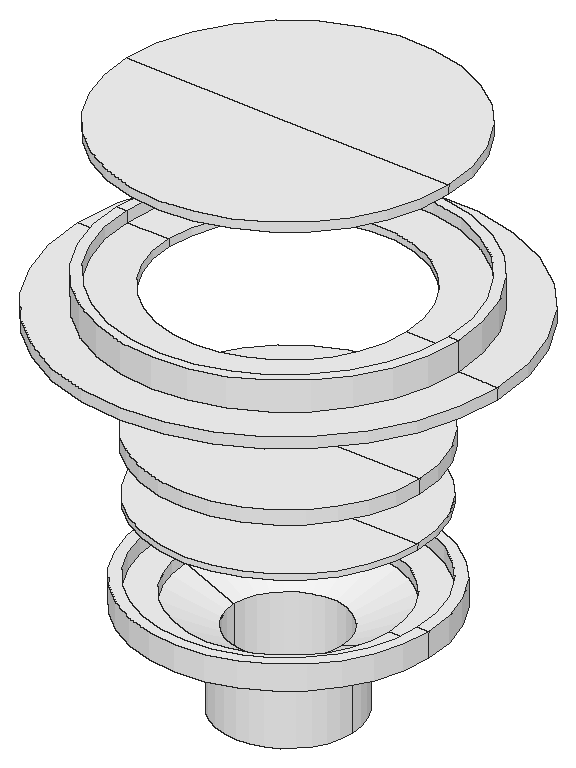
Revit family "Plumbing Fixture-FloorDrain_Mifab_C1450-R-EX ", category Plumbing Fixtures, host Face, Revit 2013
Parameters (values of type "2"")
  height-4 = 9.620"
  height-3 = 6.51707"
  height-2 = 4.280"
  height-1 = 3.490"
  WFU = 0
  URL = "WWW.MIFAB.COM"
  Top Assembly Height = 2.000"
  Strainer Radius = Stainer Diameter / 2  # 2.425"
  Stainer Diameter = 4.850"
  Pipe Radius = Pipe Diameter / 2  # 1.000"
  Pipe Diameter = 2.000"
  Model = "C1450-R-EX"
  Manufacturer = "MIFAB"
  Floor Drain Material = Paint - Sherwin Williams Paint - #952C2A - Bellwood Red
  Description = "LINE CLEANOUT WITH ROUND, NICKEL BRONZE WALL ACESS PANEL"
  Default Elevation = 0.000"
  Body Height = 2.200"
Types (3): name | Pipe Radius | Pipe Diameter
  (no name) | 1.000" | 2.000"
  2" | 1.000" | 2.000"
  3" | 1.500" | 3.000"
Reference planes (in)
  plane 1 "Center (Front/Back)": y = 0
  plane 2: z = 0
  plane 3 "Center (Left/Right)": x = 0
  plane 4: x = -1
  plane 5: x = 1
  plane 6: y = 3.5
  plane 7: y = -3.5
  plane 8: z = -0.38464
  plane 9: z = -0.16
  plane 10: z = -9.78
  plane 11: z = -7.58
  plane 12: z = -6.29
  plane 13: z = -5.5
  plane 14: z = -3.26293
Forms (in)
  Revolve 1, solid, material "Paint - Sherwin Williams Paint - #952C2A - Bellwood Red" <- "Floor Drain Material"
    sketch origin (0, 0, 0) x (1, 0, 0) y (0, 0, 1)
      loop
        line (1.2, -8.43401) -> (2.625, -8.02803) -> (2.625, -7.58) -> (2.425, -7.58) -> (2.425, -7.83546) -> (1.9, -7.83546) -> (1.9, -8.02803) -> (1, -8.39818) -> (1, -9.78) -> (1.2, -9.78) -> (1.2, -8.43401)
      axis (0, -9.78) -> (0, -7.58)
    angle from 0 to 360
  Revolve 2, solid, material "Paint - Sherwin Williams Paint - #952C2A - Bellwood Red" <- "Floor Drain Material"
    sketch origin (0, 0, 0) x (1, 0, 0) y (0, 0, 1)
      loop
        line (-2.455, -5.1) -> (-2.455, -5.35) -> (-1.9, -5.35) -> (-1.9, -5.5) -> (-0.125, -5.5) -> (-0.125, -5.1) -> (-2.455, -5.1)
      axis (0, -5.1) -> (0, -5.5)
    angle from 0 to 360
  Revolve 3, solid, material "Paint - Sherwin Williams Paint - #952C2A - Bellwood Red" <- "Floor Drain Material"
    sketch origin (0.01549, 0, 0.32536) x (1, 0, 0) y (0, 0, 1)
      loop
        line (-0.01549, -6.51536) -> (-2.4407, -6.51536) -> (-2.4407, -6.61536) -> (-0.01549, -6.61536) -> (-0.01549, -6.51536)
      axis (-0.01549, -6.61536) -> (-0.01549, -6.51536)
    angle from 0 to 360
  Revolve 4, solid, material "Paint - Sherwin Williams Paint - #952C2A - Bellwood Red" <- "Floor Drain Material"
    sketch origin (0, 0, 0) x (1, 0, 0) y (0, 0, 1)
      loop
        line (-3, -2.53793) -> (-3.176, -2.53793) -> (-3.176, -3.06293) -> (-3.90952, -3.06293) -> (-3.90952, -3.26293) -> (-3.00952, -3.26293) -> (-3.00952, -2.86293) -> (-2.20952, -2.86293) -> (-2.20952, -2.73793) -> (-3, -2.73793) -> (-3, -2.53793)
      axis (0, -2.53793) -> (0, -3.26293)
    angle from 0 to 360
  Revolve 5, solid, material "Paint - Sherwin Williams Paint - #952C2A - Bellwood Red" <- "Floor Drain Material"
    sketch origin (0, 0, 0) x (1, 0, 0) y (0, 0, 1)
      loop
        line (0, 0) -> (0, -0.16) -> (3, -0.16) -> (3, 0) -> (0, 0)
      axis (0, 0) -> (0, -0.16)
    angle from 0 to 360
Lines and regions (in)
  symbolic lines
    curve 1: circle (0, 0, 0) r 2.425 normal (0, 0, 1)
Dimensions and locks (in)
  equal spacing: plane 5, plane 3 "Center (Left/Right)", plane 4
  "Pipe Diameter": plane 5 to plane 4
  equal spacing: plane 6, plane 1 "Center (Front/Back)", plane 7
  Revolve 1 to Revolve 1 = 0.25546"
  locked: Revolve 4 sketch curve to Revolve 4 sketch curve at 0.8
  locked: Revolve 5 sketch curve to Revolve 5 sketch curve at 3
  locked: Revolve 5 sketch curve to Revolve 5 sketch curve at 0.16
  "Body Height": plane 11 to plane 10
  "height-1": plane 12 to plane 10
  locked: Revolve 3 sketch curve to Revolve 3 sketch curve at 0.1
  "height-2": plane 13 to plane 10
  locked: Revolve 4 sketch curve to Revolve 4 sketch curve at 0.2
  locked: Revolve 4 sketch curve to Revolve 4 sketch curve at 0.176
  locked: Revolve 4 sketch curve to Revolve 4 sketch curve at 0.125
  locked: Revolve 4 sketch curve to Revolve 4 sketch curve at 3.90952
  "height-3": plane 14 to plane 10
  "height-4": plane 9 to plane 10
  locked: Revolve 1 sketch curve to Revolve 1 sketch curve at 0.2
  locked: Revolve 1 sketch curve to Revolve 1 sketch curve at 0.725
  locked: Revolve 2 sketch curve to Revolve 2 sketch curve at 0.25
  locked: Revolve 2 sketch curve to Revolve 2 sketch curve at 0.15
  "Strainer Radius": radius of curve 1
  locked: Revolve 1 sketch curve to Revolve 1 sketch curve (angle 105.902°)
  aligned and locked: plane 2 to host face
  aligned and locked: level to host face
  aligned and locked: plane 1 "Center (Front/Back)" to curve 1
  aligned and locked: plane 3 "Center (Left/Right)" to curve 1
  aligned and locked: plane 3 "Center (Left/Right)" to Revolve 1 sketch curve
  aligned and locked: Revolve 2 sketch curve to plane 3 "Center (Left/Right)"
  aligned and locked: Revolve 4 sketch curve to plane 3 "Center (Left/Right)"
  aligned and locked: Revolve 5 sketch curve to plane 3 "Center (Left/Right)"
  aligned and locked: plane 9 to Revolve 5
  aligned and locked: Revolve 1 sketch curve to plane 10
  aligned and locked: plane 3 "Center (Left/Right)" to Revolve 3 sketch curve
  aligned and locked: Revolve 5 sketch curve to level
  aligned and locked: Revolve 3 to Revolve 3
  aligned and locked: Revolve 3 to plane 12
  aligned and locked: Revolve 2 to plane 13
  aligned and locked: Revolve 4 to plane 14
  aligned and locked: plane 5 to Revolve 1 sketch curve
Automatic sketch dimensions
  host sketch curve to host sketch curve = 96.000"  (x2)
  Revolve 2 sketch curve to level = 6.81328"
  Revolve 2 sketch curve to Revolve 2 sketch curve = 0.89097"
  Revolve 3 sketch curve to plane 3 "Center (Left/Right)" = 0.000"
  plane 10 to Revolve 3 sketch curve = 3.490"
  Revolve 3 sketch curve to plane 4 = 1.42521"
  Revolve 3 sketch curve to Revolve 3 sketch curve = 0.260"
  Revolve 3 sketch curve to Revolve 3 sketch curve = 3.81491"
  Revolve 5 sketch curve to plane 3 "Center (Left/Right)" = 0.000"
  Revolve 5 sketch curve to Revolve 5 sketch curve = 0.76429"
  Revolve 5 sketch curve to Revolve 5 sketch curve = 1.57571"
  Revolve 2 sketch curve to plane 4 = 0.900"
  Revolve 2 sketch curve to plane 3 "Center (Left/Right)" = 0.125"
  Revolve 4 sketch curve to plane 4 = 2.00952"
  plane 13 to Revolve 4 sketch curve = 2.23707"
  Revolve 4 sketch curve to Revolve 4 sketch curve = 0.16648"
  Revolve 4 sketch curve to Revolve 4 sketch curve = 0.200"  (x2)
  Revolve 4 sketch curve to Revolve 4 sketch curve = 1.67207"
  Revolve 4 sketch curve to Revolve 4 sketch curve = 1.12293"
  Revolve 1 sketch curve to plane 11 = 0.000"
  Revolve 1 sketch curve to plane 5 = 0.200"
  Revolve 1 sketch curve to Revolve 1 sketch curve = 0.700"
  Revolve 1 sketch curve to Revolve 1 sketch curve = 0.03583"
  Revolve 1 sketch curve to plane 11 = 0.44803"  (x2)
  Revolve 1 sketch curve to Revolve 1 sketch curve = 0.19257"
  plane 13 to Revolve 1 sketch curve = 0.9125"
  Revolve 1 sketch curve to plane 9 = 0.75879"
  Revolve 2 sketch curve to plane 4 = 1.455"
  Revolve 2 sketch curve to plane 13 = 0.000"
  plane 1 "Center (Front/Back)" to curve 1 = 0.000"
  curve 1 to plane 3 "Center (Left/Right)" = 0.000"
Connectors (in)
  piping at (0, 0, -9.78), driven by "Pipe Radius"
    settings: on Revolve 1, index 1, connector radius 1", flow factor 0, pipe flow 0 GPM, pressure drop 0.00 psi, fitting loss kfactor 0, connector angle 0.00°, fixture units 0, engagement length 0.000", flow configuration 0, flow direction 0, fitting loss method 0, system type 7, joint type 0, gender type 0, connector reference index -1, connector utility 0, adjustable connector no, is connector primary yes, fitting loss table "", connector description ""
